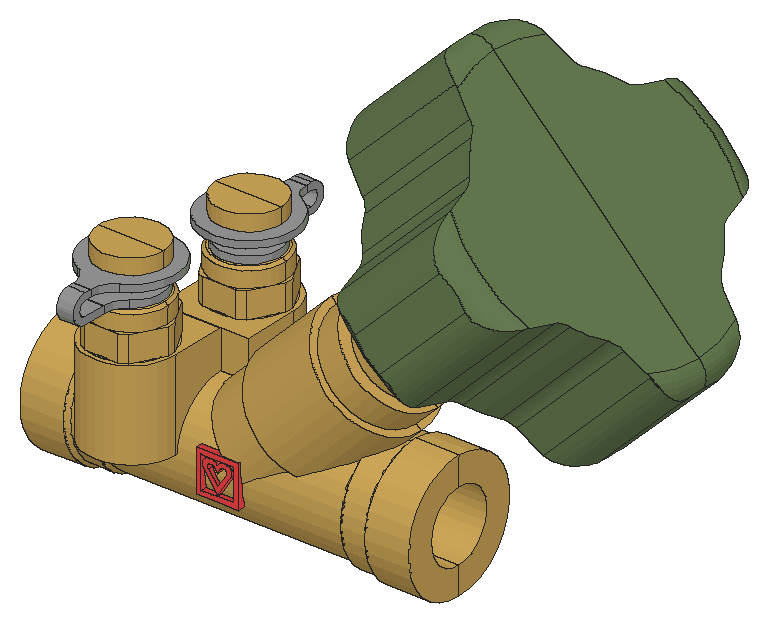
Revit family "HERZ Commissioning Valve With Metering Station For Drinking Water Systems 4017 MW", category Rohrzubehör, Revit 2019
Family settings
  Bemaßung runder Anschluss = Durchmesser verwenden
  Teiletyp = Unterbricht
  OmniClass-Nummer = 23.65.55.14
  OmniClass-Titel = Valves for Liquid Services
  Arbeitsebenenbasiert = Nein
  Immer vertikal = Ja
  Beim Laden mit Abzugskörper schneiden = Nein
  Gemeinsam genutzt = Nein
Parameters
  kvs-value [instance] = if(Nennweite = 15.000 mm, 2, if(Nennweite = 20.000 mm, 3.6, if(Nennweite = 25.000 mm, 6.5, if(Nennweite = 32.000 mm, 13.3, if(Nennweite = 40.000 mm, 18.5, if(Nennweite = 50.000 mm, 33, 0))))))  # 2
  kv-value of the orifice [instance] = if(Nennweite = 15.000 mm, 1.95, if(Nennweite = 20.000 mm, 3.95, if(Nennweite = 25.000 mm, 7.9, if(Nennweite = 32.000 mm, 15.75, if(Nennweite = 40.000 mm, 21.5, if(Nennweite = 50.000 mm, 46.7, 0))))))  # 1.95
  W01 = 45.00°  # constant formula
  URL = "www.herzvalves.com"
  SW01 = 60.00°  # constant formula
  SCRNSEQ = "FW;SBT_TYP_FW=\"109\";2"
  SCRNCODE = "04;00;02"  # constant formula
  S03 = 60.000 mm  # constant formula
  S02 [instance] = L04 + L06 + L07  # 76.800 mm
  S01 [instance] = D01 * 2  # 27.000 mm
  R03 = 21.500 mm  # constant formula
  R02 = 9.500 mm  # constant formula
  R01 = 12.000 mm  # constant formula
  Part number [instance] = size_lookup("4017_MW_", "Artnr", 0, Nennweite)  # 2401701
  O-Rings = "EPDM"  # constant formula
  Note = "Pursuant to Article 33 of the REACH Regulation (EC No. 1907/2006), we are obliged to point out that the material lead is listed on the SVHC list and that all brass components manufactured in our products exceed 0.1% (w / w) lead (CAS: 7439-92-1 / EINECS: 231-100-4).\r\nSince lead is a component part of an alloy, actual exposure is not possible and therefore no additional information on safe use is necessary."
  Model = "According to standard BS 7350 PN20 Series B\r\nAngle seat regulating valve made of copper alloy.\r\nAll metal parts in contact with water are made of dezincification-resistant copper alloy.\r\nThe upper parts are equipped with non-rising stem."
  Medium = "Water"  # constant formula
  L10 [instance] = size_lookup("4017_MW_", "L10", 1.000 mm, Nennweite)  # 28.500 mm
  L09 [instance] = size_lookup("4017_MW_", "L9", 1.000 mm, Nennweite)  # 22.500 mm
  L08 [instance] = size_lookup("4017_MW_", "L8", 1.000 mm, Nennweite)  # 12.700 mm
  L07 [instance] = size_lookup("4017_MW_", "L7", 1.000 mm, Nennweite)  # 35.100 mm
  L06 [instance] = size_lookup("4017_MW_", "L6", 1.000 mm, Nennweite)  # 6.500 mm
  L05 [instance] = size_lookup("4017_MW_", "L5", 1.000 mm, Nennweite)  # 20.200 mm
  L04 [instance] = size_lookup("4017_MW_", "L4", 1.000 mm, Nennweite)  # 35.200 mm
  L03 [instance] = size_lookup("4017_MW_", "L3", 1.000 mm, Nennweite)  # 1.000 mm
  Hand wheel = "plastic, green"  # constant formula
  H03 [instance] = H01 - 19.000 mm  # 1.000 mm
  H02 = 13.000 mm  # constant formula
  E01 [instance] = L00 / -2  # -41.500 mm
  E00 = 0.000 mm  # constant formula
  D09 [instance] = size_lookup("4017_MW_", "D9", 1.000 mm, Nennweite)  # 11.750 mm
  D08 [instance] = size_lookup("4017_MW_", "D8", 1.000 mm, Nennweite)  # 9.500 mm
  D07 [instance] = size_lookup("4017_MW_", "D7", 1.000 mm, Nennweite)  # 12.000 mm
  D06 [instance] = size_lookup("4017_MW_", "D6", 1.000 mm, Nennweite)  # 13.500 mm
  D05 [instance] = size_lookup("4017_MW_", "D5", 1.000 mm, Nennweite)  # 12.500 mm
  D04 [instance] = Nennweite / 2  # 7.500 mm
  IG [instance] = Nennweite / 2  # 7.500 mm
  D03 [instance] = size_lookup("4017_MW_", "D3", 1.000 mm, Nennweite)  # 11.900 mm
  D02 [instance] = size_lookup("4017_MW_", "D2", 1.000 mm, Nennweite)  # 12.700 mm
  D01 [instance] = size_lookup("4017_MW_", "D1", 1.000 mm, Nennweite)  # 13.500 mm
  Nennweite [instance] = 15.000 mm
  Max. differential pressure on closed seat = 1000000.0 Pa  # constant formula
  Max. operating temperature at 10 bar = 85 °C  # constant formula
  Max. operating pressure at 20°C = 2000000.0 Pa  # constant formula
  L02 [instance] = size_lookup("4017_MW_", "L2", 1.000 mm, Nennweite)  # 5.000 mm
  L01 [instance] = size_lookup("4017_MW_", "L1", 1.000 mm, Nennweite)  # 9.250 mm
  L00 [instance] = size_lookup("4017_MW_", "L", 1.000 mm, Nennweite)  # 83.000 mm
  Hersteller = "HERZ Armaturen Ges.m.b.H."  # constant formula
  H01 [instance] = size_lookup("4017_MW_", "H1", 1.000 mm, Nennweite)  # 20.000 mm
  GT [instance] = size_lookup("4017_MW_", "GT", 1.000 mm, Nennweite)  # 13.200 mm
  DN50 [instance] = Nennweite = 50.000 mm  # no
  DN40 [instance] = Nennweite = 40.000 mm  # no
  DN32 [instance] = Nennweite = 32.000 mm  # no
  DN25 [instance] = Nennweite = 25.000 mm  # no
  DN20 [instance] = Nennweite = 20.000 mm  # no
  DN15 [instance] = Nennweite = 15.000 mm  # yes
  Body = "DZR brass"  # constant formula
  Application = "For shutting off and regulating drinking water systems in buildings or for hydraulic balancing of supply lines."
Reference planes
  plane 1 "Mitte (Vorne/hinten)": y = 0
  plane 2: z = 0
  plane 3 "Mitte (Links/rechts)": x = 0
Forms (mm)
  Revolve 1, solid, material "Messing, weicher Gelbton, geschweißt", detail levels fine
    sketch origin (470, 0, 0) x (1, 0, 0) y (0, 0, 1)
      loop
        line (-511.5, 7.5) -> (-498.3, 7.5) -> (-498.3, 0) -> (-441.7, 0) -> (-441.7, 7.5) -> (-428.5, 7.5) -> (-428.5, 13.5) -> (-437.75, 13.5) -> (-438.55, 12.7) -> (-443.55, 12.7) -> (-444.35, 11.9) -> (-495.65, 11.9) -> (-496.45, 12.7) -> (-501.45, 12.7) -> (-502.25, 13.5) -> (-511.5, 13.5) -> (-511.5, 7.5)
      axis (-511.5, 0) -> (-428.5, 0)
    angle from 0 to 360
  Revolve 2, solid, material "Messing, weicher Gelbton, geschweißt", detail levels fine
    sketch origin (0.32, 0, -0.105) x (1, 0, 0) y (0, 0, 1)
      loop
        line (-1.32, 0.105) -> (52.986, 54.411) -> (44.677, 62.719) -> (35.697, 53.739) -> (37.288, 52.148) -> (21.449, 36.309) -> (19.681, 38.076) -> (15.085, 33.48) -> (14.024, 34.541) -> (-0.259, 20.257) -> (0.448, 19.55) -> (-7.098, 12.005) -> (-6.623, 5.408) -> (-1.32, 0.105)
      axis (-1.32, 0.105) -> (52.986, 54.411)
    angle from 0 to 360
  Extrusion 3, solid, material "Messing, weicher Gelbton, geschweißt", detail levels fine
    sketch origin (0, 0, 0) x (1, 0, 0) y (0, 1, 0)
      loop
        arc (-28.5, -12) -> (-19, -21.5) -> (-9.5, -12) r 9.5
        line (-9.5, -12) -> (-9.5, 0) -> (-28.5, 0) -> (-28.5, -12)
    from 1 <- "H03" to 20 <- "H01"
  Extrusion 4, solid, material "Messing, weicher Gelbton, geschweißt", detail levels fine
    sketch origin (0, 0, 0) x (1, 0, 0) y (0, 1, 0)
      loop
        line (-22.5, 12) -> (-22.5, 0) -> (-3.5, 0) -> (-3.5, 12)
        arc (-3.5, 12) -> (-13, 21.5) -> (-22.5, 12) r 9.5
    from 0 to 20 <- "H01"
Lines and regions (mm)
  model lines, detail levels coarse+medium
    curve 1: line (-41.5, 0, 13.5) -> (-41.5, 0, -13.5)
    curve 2: line (-41.5, 0, -13.5) -> (41.5, 0, 13.5)
    curve 3: line (41.5, 0, 13.5) -> (41.5, 0, -13.5)
    curve 4: line (41.5, 0, -13.5) -> (-41.5, 0, 13.5)
    curve 5: line (0, 0, 0) -> (38.4, 0, 66.511)
    curve 6: line (12.419, 0, 81.511) -> (64.381, 0, 51.511)
    curve 7: line (-41.5, -13.5, 0) -> (-41.5, 13.5, 0)
    curve 8: line (-41.5, 13.5, 0) -> (41.5, -13.5, 0)
    curve 9: line (41.5, -13.5, 0) -> (41.5, 13.5, 0)
    curve 10: line (41.5, 13.5, 0) -> (-41.5, -13.5, 0)
    curve 11: line (0, 0, 0) -> (38.4, 66.511, 0)
    curve 12: line (12.419, 81.511, 0) -> (64.381, 51.511, 0)
Dimensions and locks
  "L00": Revolve 1 sketch curve to Revolve 1 sketch curve
  equal spacing: Revolve 1 sketch curve, plane 3 "Mitte (Links/rechts)", Revolve 1 sketch curve
  "D01": Revolve 1 sketch curve to Revolve 1 sketch curve  (x2)
  "GT": Revolve 1 sketch curve to Revolve 1 sketch curve  (x2)
  "D06": Revolve 2 sketch curve to Revolve 2 sketch curve
  "D07": Revolve 2 sketch curve to Revolve 2 sketch curve
  "D08": Revolve 2 sketch curve to Revolve 2 sketch curve
  "D09": Revolve 2 sketch curve to Revolve 2 sketch curve
  equal spacing: curve 1, plane 3 "Mitte (Links/rechts)", curve 3
  "L00": curve 1 to curve 3
  equal spacing: curve 4, plane 2, curve 2
  "S01": curve 4 to curve 1
  "S01": curve 3 to curve 4
  equal spacing: curve 3, plane 2, curve 4
  "S02": curve 5 to curve 5
  equal spacing: curve 6, curve 5, curve 6
  "S03": curve 6 to curve 6
  equal spacing: curve 7, plane 3 "Mitte (Links/rechts)", curve 9
  "L00": curve 7 to curve 9
  equal spacing: curve 10, plane 1 "Mitte (Vorne/hinten)", curve 8
  "S01": curve 8 to curve 10
  equal spacing: curve 9, plane 1 "Mitte (Vorne/hinten)", curve 10
  "S01": curve 10 to curve 9
  "S02": curve 11 to curve 11
  equal spacing: curve 12, curve 11, curve 12
  "S03": curve 12 to curve 12
  "L01": Revolve 1 sketch curve to Revolve 1 sketch curve  (x2)
  "D02": Revolve 1 sketch curve to plane 2  (x2)
  "D03": Revolve 1 sketch curve to plane 2
  "IG": Revolve 1 sketch curve to plane 2  (x2)
  "L02": Revolve 1 sketch curve to Revolve 1 sketch curve  (x2)
  "L04": Revolve 2 sketch curve to Revolve 2 sketch curve
  "L05": Revolve 2 sketch curve to Revolve 2 sketch curve
  "D03": Revolve 2 sketch curve to plane 2
  "L06": Revolve 2 sketch curve to Revolve 2 sketch curve
  "L08": Revolve 2 sketch curve to Revolve 2 sketch curve
  "L07": Revolve 2 sketch curve to Revolve 2 sketch curve
  "D04": Revolve 2 sketch curve to Revolve 2 sketch curve
  "D05": Revolve 2 sketch curve to Revolve 2 sketch curve
  "L03": plane 3 "Mitte (Links/rechts)" to Revolve 2 sketch curve  (x2)
  "D03": nested 1 to plane 1 "Mitte (Vorne/hinten)"
  "L09": Revolve 1 to Extrusion 3 sketch curve
  "R01": Extrusion 3 sketch curve to plane 1 "Mitte (Vorne/hinten)"
  "R01": plane 1 "Mitte (Vorne/hinten)" to Extrusion 4 sketch curve
  "L10": Revolve 1 to Extrusion 4 sketch curve
  "H01": nested 3 to plane 2
  "H01": nested 2 to plane 2
  "R01": nested 3 to plane 1 "Mitte (Vorne/hinten)"
  "R01": plane 1 "Mitte (Vorne/hinten)" to nested 2
  "L10": Revolve 1 to nested 2
  "L09": Revolve 1 to nested 3
  "R02": radius of Extrusion 3 sketch curve
  "R02": radius of Extrusion 4 sketch curve
  "W01": angle level to Revolve 2 sketch curve
  "SW01": angle plane 2 to curve 5
  "SW01": angle plane 1 "Mitte (Vorne/hinten)" to curve 11
  "W01": angle Revolve 1 sketch curve to Revolve 1 sketch curve  (x4)
  "W01": angle plane 2 to Revolve 2 sketch curve
  aligned and locked: level to plane 2
Automatic sketch dimensions
  curve 5 to level = 0.000 mm
  plane 1 "Mitte (Vorne/hinten)" to curve 11 = 0.000 mm
  Revolve 1 sketch curve to level = 0.000 mm  (x2)
  Revolve 1 sketch curve to Revolve 1 sketch curve = 791.990 mm
  Revolve 1 sketch curve to Revolve 1 sketch curve = 2278.983 mm
  Revolve 2 sketch curve to level = 0.000 mm  (x2)
  plane 1 "Mitte (Vorne/hinten)" to Extrusion 3 sketch curve = 0.000 mm
  plane 1 "Mitte (Vorne/hinten)" to Extrusion 4 sketch curve = 0.000 mm
Nested families
  nested 1: "Herz-Logo-vorne" at (0, -11.9, 0) x (0, 1, 0) z (0, 0, 1), type "Herz-Logo-vorne", detail levels fine
  nested 2: "Messstutzen_Band_Austritt_senkrecht_(oben)" at (-13, 12, 2.5), type "Messstutzen_Band_Austritt_senkrecht_(oben)"
    with Schutzkappe yes, Nennweite 0.000 mm, Gewicht 0.00 kg, Bestellnummer 0
  nested 3: "Messstutzen_Band_Eintritt_senkrecht_(oben)" at (-19, -12, 2.5) x (-1, 0, 0) z (0, 0, 1), type "Messstutzen_Band_Eintritt_senkrecht_(oben)"
    with Schutzkappe yes, Nennweite 0.000 mm, Gewicht 0.00 kg, Bestellnummer 0
  nested 4: "Strangregulierventil-Handrad (Grün) DN15-DN32" at (53.306, 0, 54.306), visible <- "DN15", type "Strangregulierventil-Handrad (Grün) DN15-DN32"
    with Nennweite 0.000 mm, Gewicht 0.00 kg, Bestellnummer 0
  nested 5: "Strangregulierventil-Handrad (Grün) DN15-DN32" at (55.846, 0, 56.846), visible <- "DN20", type "Strangregulierventil-Handrad (Grün) DN15-DN32"
    with Nennweite 0.000 mm, Gewicht 0.00 kg, Bestellnummer 0
  nested 6: "Strangregulierventil-Handrad (Grün) DN15-DN32" at (64.569, 0, 70.069), visible <- "DN25", type "Strangregulierventil-Handrad (Grün) DN15-DN32"
    with Nennweite 0.000 mm, Gewicht 0.00 kg, Bestellnummer 0
  nested 7: "Strangregulierventil-Handrad (Grün) DN15-DN32" at (67.426, 0, 76.226), visible <- "DN32", type "Strangregulierventil-Handrad (Grün) DN15-DN32"
    with Nennweite 0.000 mm, Gewicht 0.00 kg, Bestellnummer 0
  nested 8: "Strangregulierventil-Handrad (Grün) DN40-DN50" at (76.747, 0, 88.247), visible <- "DN40", type "Strangregulierventil-Handrad (Grün) DN40-DN50"
    with Nennweite 0.000 mm, Gewicht 0.00 kg, Bestellnummer 0
  nested 9: "Strangregulierventil-Handrad (Grün) DN40-DN50" at (75.124, 0, 91.924), visible <- "DN50", type "Strangregulierventil-Handrad (Grün) DN40-DN50"
    with Nennweite 0.000 mm, Gewicht 0.00 kg, Bestellnummer 0
Connectors
  piping at (-28.3, 0, 0), diameter 15, driven by "Nennweite"
    settings: on Revolve 1, index 1, connector inside diameter 609.6 mm, connector length 0.000 mm, flow factor 0, pipe flow 0.0 L/s, pressure drop 0.0 Pa, fitting loss kfactor 0, connector angle 0.00°, fixture units 0, engagement length 0.000 mm, angle of deflection 0.00°, flow configuration 0, flow direction 1, fitting loss method 0, system type 29, joint type 0, gender type 0, connector reference index -1, connector utility 0, adjustable connector no, is connector primary yes, connector description ""
  piping at (28.3, 0, 0), diameter 15, driven by "Nennweite"
    settings: on Revolve 1, index 2, connector inside diameter 609.6 mm, connector length 0.000 mm, flow factor 0, pipe flow 0.0 L/s, pressure drop 0.0 Pa, fitting loss kfactor 0, connector angle 0.00°, fixture units 0, engagement length 0.000 mm, angle of deflection 0.00°, flow configuration 0, flow direction 2, fitting loss method 0, system type 29, joint type 0, gender type 0, connector reference index -1, connector utility 0, adjustable connector no, is connector primary no, connector description ""
Definition of nested family "Herz-Logo-vorne"
  Reference planes
    plane 1 "Mitte (Vorne/hinten)": y = 0
    plane 2: z = 0
    plane 3 "Mitte (Links/rechts)": x = 0
  Forms (mm)
    Extrusion 1, solid
      sketch origin (0.732, -0.018, 0.017) x (0, -1, 0) y (0, 0, 1)
        loop
          line (-0.018, -4.517) -> (4.482, -4.517) -> (4.482, 4.483) -> (-4.518, 4.483) -> (-4.518, -4.517) -> (-0.018, -4.517)
        loop
          line (-0.05, -3.48) -> (3.482, -3.48) -> (3.482, 3.483) -> (-3.518, 3.483) -> (-3.518, -3.48) -> (-0.05, -3.48)
        loop
          arc (-0.018, 2.383) -> (-1.543, 3.287) -> (-3.067, 2.383) r 1.738
          arc (-3.067, 2.383) -> (-3.191, 1.899) -> (-3.067, 1.415) r 1.009
          line (-3.067, 1.415) -> (-0.018, -3.281) -> (3.032, 1.415)
          arc (3.032, 1.415) -> (3.156, 1.899) -> (3.032, 2.383) r 1.009
          arc (3.032, 2.383) -> (1.507, 3.287) -> (-0.018, 2.383) r 1.738
        loop
          arc (1.885, 1.272) -> (2.005, 1.675) -> (1.885, 2.079) r 0.74
          arc (1.885, 2.079) -> (1.265, 2.416) -> (0.644, 2.079) r 0.74
          line (0.644, 2.079) -> (-0.018, 0.97) -> (-0.679, 2.079)
          arc (-0.679, 2.079) -> (-1.3, 2.416) -> (-1.921, 2.079) r 0.74
          arc (-1.921, 2.079) -> (-2.04, 1.675) -> (-1.921, 1.272) r 0.74
          line (-1.921, 1.272) -> (-0.018, -1.658) -> (1.885, 1.272)
      from 0 to 1.5
  Dimensions and locks
    aligned and locked: level to plane 2
Definition of nested family "Messstutzen_Band_Austritt_senkrecht_(oben)"
  Parameters (values of type "Messstutzen_Band_Austritt_senkrecht_(oben)")
    URL = "www.herz-armaturen.at"
    Schutzkappe [instance] = yes
    Nennweite [instance] = 0.000 mm
    Manufacturer = "Herz Armaturen GmbH"  # constant formula
    Gewicht [instance] = 0.00 kg
    Bestellnummer [instance] = 0
  Reference planes
    plane 1 "Mitte (Vorne/hinten)": y = 0
    plane 2: z = 0
    plane 3 "Mitte (Links/rechts)": x = 0
    plane 4 "Schlaufe 1": z = -27
    plane 5 "Schlaufe 2": z = -31.678
  Forms (mm)
    Revolve 1, solid, detail levels fine
      sketch origin (0, 0, 0) x (1, 0, 0) y (0, 0, 1)
        loop
          line (-7.4, 9) -> (-5.55, 9) -> (-5.55, 6)
          arc (-5.55, 6) -> (-5.626, 5.617) -> (-5.843, 5.293) r 1
          line (-5.843, 5.293) -> (-6.455, 4.681) -> (-6.455, 0.9) -> (-5.555, 0) -> (-2, 0) -> (-2, 17.5) -> (-8.4, 17.5)
          arc (-8.4, 17.5) -> (-7.693, 17.207) -> (-7.4, 16.5) r 1
          line (-7.4, 16.5) -> (-7.4, 9)
        loop
          line (-3.7, 27) -> (-7.3, 27) -> (-7.9, 26.4) -> (-7.9, 23) -> (-2, 23) -> (-2, 35.8) -> (-3.805, 35.8) -> (-4.415, 35.19) -> (-4.415, 30.863) -> (-3.7, 30.45) -> (-3.7, 27)
        axis (0, 0) -> (0, 35.8)
      angle from 0 to 360
    Extrusion 2, solid, detail levels fine
      sketch origin (0, 0, 17.5) x (0, 1, 0) y (-1, 0, 0)
        loop
          arc (-7.07, 5.156) -> (-7.578, 4.375) -> (-8, 3.544) r 8.75
          line (-8, 3.544) -> (-8, -3.544)
          arc (-8, -3.544) -> (-7.578, -4.375) -> (-7.07, -5.156) r 8.75
          line (-7.07, -5.156) -> (-0.93, -8.7)
          arc (-0.93, -8.7) -> (0, -8.75) -> (0.93, -8.7) r 8.75
          line (0.93, -8.7) -> (7.07, -5.156)
          arc (7.07, -5.156) -> (7.578, -4.375) -> (8, -3.544) r 8.75
          line (8, -3.544) -> (8, 3.544)
          arc (8, 3.544) -> (7.578, 4.375) -> (7.07, 5.156) r 8.75
          line (7.07, 5.156) -> (0.93, 8.7)
          arc (0.93, 8.7) -> (0, 8.75) -> (-0.93, 8.7) r 8.75
          line (-0.93, 8.7) -> (-7.07, 5.156)
      from 0 to 5.5
    Revolve 3, solid, visible <- "Schutzkappe", detail levels fine
      sketch origin (0, 0, 0) x (1, 0, 0) y (0, 0, 1)
        loop
          line (0, 35.878) -> (0, 36.678) -> (-7, 36.678) -> (-7, 33.378) -> (-6.1, 33.378) -> (-6.1, 31.678) -> (-6.9, 31.678) -> (-6.9, 30.178) -> (-4.415, 30.178) -> (-4.415, 35.268) -> (-3.805, 35.878) -> (0, 35.878)
        axis (0, 30.178) -> (0, 36.678)
      angle from 0 to 360
    Extrusion 4, solid, detail levels fine
      sketch origin (0, 0, 28.5) x (1, 0, 0) y (0, 1, 0)
        loop
          circle (0, 0) r 3.7
        loop
          arc (-3.906, 5.505) -> (0, -6.75) -> (3.906, 5.505) r 6.75
          arc (3.906, 5.505) -> (2.358, 7.288) -> (1.8, 9.582) r 5
          line (1.8, 9.582) -> (-1.8, 9.582)
          arc (-1.8, 9.582) -> (-2.358, 7.288) -> (-3.906, 5.505) r 5
      from 0 to -1.5
    Extrusion 5, solid, detail levels fine
      sketch origin (0, 0, 33.178) x (1, 0, 0) y (0, 1, 0)
        loop
          circle (0, 0) r 6.1
        loop
          arc (-4.495, 8.652) -> (0, -9.75) -> (4.495, 8.652) r 9.75
          arc (4.495, 8.652) -> (2.527, 10.493) -> (1.8, 13.089) r 5
          line (1.8, 13.089) -> (-1.8, 13.089)
          arc (-1.8, 13.089) -> (-2.527, 10.493) -> (-4.495, 8.652) r 5
      from 0 to -1.5
    Sweep 6, solid, detail levels fine
      path origin (0, 0, 0) x (0, 0, -1) y (0, -1, 0)
        loop
          line (-27.75, -9.582) -> (-27.75, -14.522)
          arc (-27.75, -14.522) -> (-30.089, -16.862) -> (-32.428, -14.522) r 2.339
          line (-32.428, -14.522) -> (-32.428, -13.089)
      profile origin (0, 12.052, 27.75) x (0, 0, 1) y (1, 0, 0)
        loop
          line (-0.75, -1.8) -> (0.75, -1.8) -> (0.75, 1.8) -> (-0.75, 1.8) -> (-0.75, -1.8)
  Dimensions and locks
    aligned and locked: level to plane 2
Definition of nested family "Messstutzen_Band_Eintritt_senkrecht_(oben)"
  Parameters (values of type "Messstutzen_Band_Eintritt_senkrecht_(oben)")
    URL = "www.herz-armaturen.at"
    Schutzkappe [instance] = yes
    Nennweite [instance] = 0.000 mm
    Manufacturer = "Herz Armaturen GmbH"  # constant formula
    Gewicht [instance] = 0.00 kg
    Bestellnummer [instance] = 0
  Reference planes
    plane 1 "Mitte (Vorne/hinten)": y = 0
    plane 2: z = 0
    plane 3 "Mitte (Links/rechts)": x = 0
    plane 4 "Schlaufe 1": z = -27
    plane 5 "Schlaufe 2": z = -31.678
  Forms (mm)
    Revolve 1, solid, detail levels fine
      sketch origin (0, 0, 0) x (1, 0, 0) y (0, 0, 1)
        loop
          line (-7.4, 9) -> (-5.55, 9) -> (-5.55, 6)
          arc (-5.55, 6) -> (-5.626, 5.617) -> (-5.843, 5.293) r 1
          line (-5.843, 5.293) -> (-6.455, 4.681) -> (-6.455, 0.9) -> (-5.555, 0) -> (-2, 0) -> (-2, 17.5) -> (-8.4, 17.5)
          arc (-8.4, 17.5) -> (-7.693, 17.207) -> (-7.4, 16.5) r 1
          line (-7.4, 16.5) -> (-7.4, 9)
        loop
          line (-3.7, 27) -> (-7.3, 27) -> (-7.9, 26.4) -> (-7.9, 23) -> (-2, 23) -> (-2, 35.8) -> (-3.805, 35.8) -> (-4.415, 35.19) -> (-4.415, 30.863) -> (-3.7, 30.45) -> (-3.7, 27)
        axis (0, 0) -> (0, 35.8)
      angle from 0 to 360
    Extrusion 2, solid, detail levels fine
      sketch origin (0, 0, 17.5) x (0, 1, 0) y (-1, 0, 0)
        loop
          arc (-7.07, 5.156) -> (-7.578, 4.375) -> (-8, 3.544) r 8.75
          line (-8, 3.544) -> (-8, -3.544)
          arc (-8, -3.544) -> (-7.578, -4.375) -> (-7.07, -5.156) r 8.75
          line (-7.07, -5.156) -> (-0.93, -8.7)
          arc (-0.93, -8.7) -> (0, -8.75) -> (0.93, -8.7) r 8.75
          line (0.93, -8.7) -> (7.07, -5.156)
          arc (7.07, -5.156) -> (7.578, -4.375) -> (8, -3.544) r 8.75
          line (8, -3.544) -> (8, 3.544)
          arc (8, 3.544) -> (7.578, 4.375) -> (7.07, 5.156) r 8.75
          line (7.07, 5.156) -> (0.93, 8.7)
          arc (0.93, 8.7) -> (0, 8.75) -> (-0.93, 8.7) r 8.75
          line (-0.93, 8.7) -> (-7.07, 5.156)
      from 0 to 5.5
    Revolve 3, solid, visible <- "Schutzkappe", detail levels fine
      sketch origin (0, 0, 0) x (1, 0, 0) y (0, 0, 1)
        loop
          line (0, 35.878) -> (0, 36.678) -> (-7, 36.678) -> (-7, 33.378) -> (-6.1, 33.378) -> (-6.1, 31.678) -> (-6.9, 31.678) -> (-6.9, 30.178) -> (-4.415, 30.178) -> (-4.415, 35.268) -> (-3.805, 35.878) -> (0, 35.878)
        axis (0, 30.178) -> (0, 36.678)
      angle from 0 to 360
    Extrusion 4, solid, detail levels fine
      sketch origin (0, 0, 28.5) x (1, 0, 0) y (0, 1, 0)
        loop
          circle (0, 0) r 3.7
        loop
          arc (-3.906, 5.505) -> (0, -6.75) -> (3.906, 5.505) r 6.75
          arc (3.906, 5.505) -> (2.358, 7.288) -> (1.8, 9.582) r 5
          line (1.8, 9.582) -> (-1.8, 9.582)
          arc (-1.8, 9.582) -> (-2.358, 7.288) -> (-3.906, 5.505) r 5
      from 0 to -1.5
    Extrusion 5, solid, detail levels fine
      sketch origin (0, 0, 33.178) x (1, 0, 0) y (0, 1, 0)
        loop
          circle (0, 0) r 6.1
        loop
          arc (-4.495, 8.652) -> (0, -9.75) -> (4.495, 8.652) r 9.75
          arc (4.495, 8.652) -> (2.527, 10.493) -> (1.8, 13.089) r 5
          line (1.8, 13.089) -> (-1.8, 13.089)
          arc (-1.8, 13.089) -> (-2.527, 10.493) -> (-4.495, 8.652) r 5
      from 0 to -1.5
    Sweep 6, solid, detail levels fine
      path origin (0, 0, 0) x (0, 0, -1) y (0, -1, 0)
        loop
          line (-27.75, -9.582) -> (-27.75, -14.522)
          arc (-27.75, -14.522) -> (-30.089, -16.862) -> (-32.428, -14.522) r 2.339
          line (-32.428, -14.522) -> (-32.428, -13.089)
      profile origin (0, 12.052, 27.75) x (0, 0, 1) y (1, 0, 0)
        loop
          line (-0.75, -1.8) -> (0.75, -1.8) -> (0.75, 1.8) -> (-0.75, 1.8) -> (-0.75, -1.8)
  Dimensions and locks
    aligned and locked: level to plane 2
Definition of nested family "Strangregulierventil-Handrad (Grün) DN15-DN32"
  Parameters (values of type "Strangregulierventil-Handrad (Grün) DN15-DN32")
    URL = "www.herz-armaturen.at"
    Nennweite [instance] = 0.000 mm
    Manufacturer = "Herz Armaturen GmbH"  # constant formula
    Gewicht [instance] = 0.00 kg
    Bestellnummer [instance] = 0
  Reference planes
    plane 1 "Mitte (Vorne/hinten)": y = 0
    plane 2: z = 0
    plane 3 "Mitte (Links/rechts)": x = 0
  Forms (mm)
    Revolve 1, solid, detail levels fine
      sketch origin (0, 0, 0) x (0.707107, 0, -0.707107) y (0.707107, 0, 0.707107)
        loop
          line (0, 0) -> (0, 24.95) -> (-30.992, 24.95)
          arc (-30.992, 24.95) -> (-34.37, 23.636) -> (-35.973, 20.386) r 5
          line (-35.973, 20.386) -> (-37, 8.65) -> (-35.986, -2.936)
          arc (-35.986, -2.936) -> (-34.383, -6.186) -> (-31.005, -7.5) r 5
          line (-31.005, -7.5) -> (-15, -7.5) -> (-15, 0) -> (0, 0)
        axis (0, 24.95) -> (0, -7.5)
      angle from 0 to 360
    Extrusion 2, void
      sketch origin (14.354, 0, 14.354) x (0.707107, 0, -0.707107) y (0, 1, 0)
        loop
          line (3.861, 35.5) -> (-3.861, 35.5)
          arc (-3.861, 35.5) -> (-8.731, 33.847) -> (-11.589, 29.571) r 8
          line (-11.589, 29.571) -> (-13.284, 23.245)
          arc (-13.284, 23.245) -> (-13.982, 21.722) -> (-15.144, 20.516) r 5
          arc (-15.144, 20.516) -> (-18.031, 18.031) -> (-20.516, 15.144) r 25.5
          arc (-20.516, 15.144) -> (-21.722, 13.982) -> (-23.245, 13.284) r 5
          line (-23.245, 13.284) -> (-29.571, 11.589)
          arc (-29.571, 11.589) -> (-33.847, 8.731) -> (-35.5, 3.861) r 8
          line (-35.5, 3.861) -> (-35.5, -3.861)
          arc (-35.5, -3.861) -> (-33.847, -8.731) -> (-29.571, -11.589) r 8
          line (-29.571, -11.589) -> (-23.245, -13.284)
          arc (-23.245, -13.284) -> (-21.722, -13.982) -> (-20.516, -15.144) r 5
          arc (-20.516, -15.144) -> (-18.031, -18.031) -> (-15.144, -20.516) r 25.5
          arc (-15.144, -20.516) -> (-13.982, -21.722) -> (-13.284, -23.245) r 5
          line (-13.284, -23.245) -> (-11.589, -29.571)
          arc (-11.589, -29.571) -> (-8.731, -33.847) -> (-3.861, -35.5) r 8
          line (-3.861, -35.5) -> (3.861, -35.5)
          arc (3.861, -35.5) -> (8.731, -33.847) -> (11.589, -29.571) r 8
          line (11.589, -29.571) -> (13.284, -23.245)
          arc (13.284, -23.245) -> (13.982, -21.722) -> (15.144, -20.516) r 5
          arc (15.144, -20.516) -> (18.031, -18.031) -> (20.516, -15.144) r 25.5
          arc (20.516, -15.144) -> (21.722, -13.982) -> (23.245, -13.284) r 5
          line (23.245, -13.284) -> (29.571, -11.589)
          arc (29.571, -11.589) -> (33.847, -8.731) -> (35.5, -3.861) r 8
          line (35.5, -3.861) -> (35.5, 3.861)
          arc (35.5, 3.861) -> (33.847, 8.731) -> (29.571, 11.589) r 8
          line (29.571, 11.589) -> (23.245, 13.284)
          arc (23.245, 13.284) -> (21.722, 13.982) -> (20.516, 15.144) r 5
          arc (20.516, 15.144) -> (18.031, 18.031) -> (15.144, 20.516) r 25.5
          arc (15.144, 20.516) -> (13.982, 21.722) -> (13.284, 23.245) r 5
          line (13.284, 23.245) -> (11.589, 29.571)
          arc (11.589, 29.571) -> (8.731, 33.847) -> (3.861, 35.5) r 8
        loop
          circle (0, 0) r 38
      from -31.266 to 7.923
  Cuts and joins
    Extrusion 2 cuts Revolve 1
  Dimensions and locks
    Revolve 1 sketch curve to Revolve 1 sketch curve = 15.000 mm
    Revolve 1 sketch curve to Revolve 1 sketch curve = 16.150 mm
    Revolve 1 sketch curve to Revolve 1 sketch curve = 16.300 mm
    angle Revolve 1 sketch curve to Revolve 1 sketch curve = 95.00°
    aligned and locked: level to plane 2
Definition of nested family "Strangregulierventil-Handrad (Grün) DN40-DN50"
  Parameters (values of type "Strangregulierventil-Handrad (Grün) DN40-DN50")
    URL = "www.herz-armaturen.at"
    Nennweite [instance] = 0.000 mm
    Manufacturer = "Herz Armaturen GmbH"  # constant formula
    Gewicht [instance] = 0.00 kg
    Bestellnummer [instance] = 0
  Reference planes
    plane 1 "Mitte (Vorne/hinten)": y = 0
    plane 2: z = 0
    plane 3 "Mitte (Links/rechts)": x = 0
  Forms (mm)
    Revolve 1, solid, detail levels fine
      sketch origin (0, 0, 0) x (0.707107, 0, -0.707107) y (0.707107, 0, 0.707107)
        loop
          line (0, 0) -> (0, 24.95) -> (-50.992, 24.95)
          arc (-50.992, 24.95) -> (-54.37, 23.636) -> (-55.973, 20.386) r 5
          line (-55.973, 20.386) -> (-57, 8.65) -> (-55.986, -2.936)
          arc (-55.986, -2.936) -> (-54.383, -6.186) -> (-51.005, -7.5) r 5
          line (-51.005, -7.5) -> (-15, -7.5) -> (-15, 0) -> (0, 0)
        axis (0, 24.95) -> (0, -7.5)
      angle from 0 to 360
    Extrusion 2, void
      sketch origin (14.354, 0, 14.354) x (0.707107, 0, -0.707107) y (0, 1, 0)
        loop
          line (-55, 6.292) -> (-55, -6.292)
          arc (-55, -6.292) -> (-52.52, -13.597) -> (-46.106, -17.883) r 12
          line (-46.106, -17.883) -> (-35.399, -20.752)
          arc (-35.399, -20.752) -> (-33.541, -21.612) -> (-32.08, -23.047) r 6
          arc (-32.08, -23.047) -> (-27.931, -27.931) -> (-23.047, -32.08) r 39.5
          arc (-23.047, -32.08) -> (-21.612, -33.541) -> (-20.752, -35.399) r 6
          line (-20.752, -35.399) -> (-17.883, -46.106)
          arc (-17.883, -46.106) -> (-13.597, -52.52) -> (-6.292, -55) r 12
          line (-6.292, -55) -> (6.292, -55)
          arc (6.292, -55) -> (13.597, -52.52) -> (17.883, -46.106) r 12
          line (17.883, -46.106) -> (20.752, -35.399)
          arc (20.752, -35.399) -> (21.612, -33.541) -> (23.047, -32.08) r 6
          arc (23.047, -32.08) -> (27.931, -27.931) -> (32.08, -23.047) r 39.5
          arc (32.08, -23.047) -> (33.541, -21.612) -> (35.399, -20.752) r 6
          line (35.399, -20.752) -> (46.106, -17.883)
          arc (46.106, -17.883) -> (52.52, -13.597) -> (55, -6.292) r 12
          line (55, -6.292) -> (55, 6.292)
          arc (55, 6.292) -> (52.52, 13.597) -> (46.106, 17.883) r 12
          line (46.106, 17.883) -> (35.399, 20.752)
          arc (35.399, 20.752) -> (33.541, 21.612) -> (32.08, 23.047) r 6
          arc (32.08, 23.047) -> (27.931, 27.931) -> (23.047, 32.08) r 39.5
          arc (23.047, 32.08) -> (21.612, 33.541) -> (20.752, 35.399) r 6
          line (20.752, 35.399) -> (17.883, 46.106)
          arc (17.883, 46.106) -> (13.597, 52.52) -> (6.292, 55) r 12
          line (6.292, 55) -> (-6.292, 55)
          arc (-6.292, 55) -> (-13.597, 52.52) -> (-17.883, 46.106) r 12
          line (-17.883, 46.106) -> (-20.752, 35.399)
          arc (-20.752, 35.399) -> (-21.612, 33.541) -> (-23.047, 32.08) r 6
          arc (-23.047, 32.08) -> (-27.931, 27.931) -> (-32.08, 23.047) r 39.5
          arc (-32.08, 23.047) -> (-33.541, 21.612) -> (-35.399, 20.752) r 6
          line (-35.399, 20.752) -> (-46.106, 17.883)
          arc (-46.106, 17.883) -> (-52.52, 13.597) -> (-55, 6.292) r 12
        loop
          circle (0, 0) r 60
      from -31.161 to 7.489
  Cuts and joins
    Extrusion 2 cuts Revolve 1
  Dimensions and locks
    Revolve 1 sketch curve to Revolve 1 sketch curve = 15.000 mm
    Revolve 1 sketch curve to Revolve 1 sketch curve = 16.150 mm
    Revolve 1 sketch curve to Revolve 1 sketch curve = 16.300 mm
    Revolve 1 sketch curve to Revolve 1 sketch curve = 57.000 mm
    angle Revolve 1 sketch curve to Revolve 1 sketch curve = 95.00°
    aligned and locked: level to plane 2
